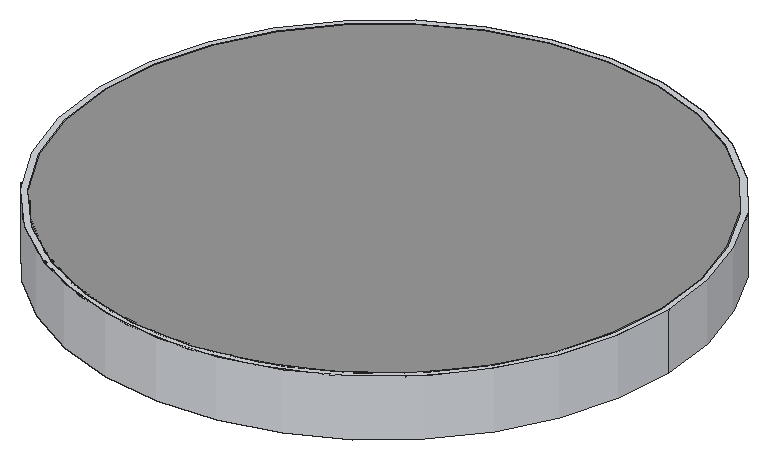
Revit family "2071230", category Lighting Fixtures, host Face, Revit 2018
Family settings
  Host = Face
  Round Connector Dimension = Use Diameter
  Part Type = Normal
  OmniClass Number = 23.80.70.00
  OmniClass Title = Lighting
  Cut with Voids When Loaded = No
  Light Source = Yes
  Shared = No
  Room Calculation Point = No
Parameters (values of type "2071230 COLOSSAL 600 940 PR DIR+H WHT DALI EM")
  iner diameter = 588 mm
  Weight = "n/a"
  Wattage Comments = ""
  Wattage = 30 W
  WarrantyStartDate [instance] = "n/a"
  WarrantyGuarantorParts = "n/a"
  WarrantyDurationUnit = "n/a"
  WarrantyDurationParts = ""
  WarrantyDescription = "http://www.sylvania-lighting.com"
  built-in parameter 1150110 = 1 (stored number, unit not read)
  Voltage = 230 V
  URL = "0.99"
  TypeName = "COLOSSAL 600mm 940 PRISM DIR+HAL WHITE DALI EM"
  Type Image = <None>
  Type Comments = "n/a"
  built-in parameter 1114217 = 1 (stored number, unit not read)
  Tilt Angle = -90.00°
  built-in parameter 1150109 = 1 (stored number, unit not read)
  built-in parameter 1150134 = (empty or 0)
  built-in parameter 1150113 = 1 (stored number, unit not read)
  SerialNumber [instance] = "n/a"
  Photometric Web File = "2071230.ies"
  Material_3_SYL = LED-Sylvania
  PowerFactor = 0
  PowerConsumption = "Lighting"
  NominalLength = 600 mm
  NominalHeight = 93 mm
  NominalDepth = 600 mm
  Name = "COLOSSAL 600mm 940 PRISM DIR+HAL WHITE DALI EM"
  ModelReference = Name  # "COLOSSAL 600mm 940 PRISM DIR+HAL WHITE DALI EM"
  ModelNumber = "2071230"
  Model = Name  # "COLOSSAL 600mm 940 PRISM DIR+HAL WHITE DALI EM"
  Material = "Feilo Sylvania"
  ManufacturerName = "109 lm/W"
  Manufacturer = ""
  LuminousEfficacy = ""
  built-in parameter 1150105 = 270.44 (stored number, unit not read)
  Lumens = 3398.4 lm
  LuminaireType = "0"
  built-in parameter 1150115 = 1 (stored number, unit not read)
  LightOutputRatio = "LED"
  built-in parameter 1150137 = (empty or 0)
  built-in parameter 1150139 = (empty or 0)
  LampsType = Lamp  # "n/a"
  LampNominalLuminous = "4000 K"
  LampMacAdamStep = "90"
  LampColourTemperature = "LED"
  LampColourRenderingIndex = "16500"
  built-in parameter 1150112 = 1 (stored number, unit not read)
  built-in parameter 1150114 = 1 (stored number, unit not read)
  Lamp = "n/a"
  Keynote = "n/a"
  InstallationDate [instance] = "n/a"
  InputVoltage = "0"
  InputNominalFrequency = "4000"
  built-in parameter 1150132 = (empty or 0)
  built-in parameter 1150102 = (empty or 0)
  built-in parameter 1150107 = 3000 (stored number, unit not read)
  built-in parameter 1150138 = (empty or 0)
  IngressProtection = "IfcLightFixtureType"
  ImpactProtectionIndex = "IfcLightFixtureType"
  built-in parameter 1150106 = 2.7044 (stored number, unit not read)
  IfcExportType = "IfcLightFixtureType"
  IfcExportAs = "Class I"
  Emit from Circle Diameter = 385 mm
  Emit Shape Visible in Rendering = no
  ElectricShockClassification = "109"
  built-in parameter 1150104 = 10.524 (stored number, unit not read)
  DocumentationLiterature = "http://www.sylvania-lighting.com/product/en-int/products/2071230"
  DimmingControlOptions = "n/a"
  Material_2_SYL = Polycarbonate_Sylvania_White
  Dimming Lamp Color Temperature Shift = <None>
  Description = "600mm diameter circular architectural luminaire, can be surface mounted or suspended. Powder coated aluminium housing (RAL9016) with PMMA prismatic diffuser. Direct/indirect (halo) light distribution, 3485lm luminuous flux, 32.1W system power, 109lm/W luminiaire efficacy. DALI dimmable. 3 hours integrated emergency. Colour rendering index Ra >90, 4000K Neutral White LED, chromaticity tolerance of 3-step MacAdam ellipse. IP40, IK03. 350mA drive current. UGR≤19. Electrical protection Class1, 220-240V. Reported lifetime 66k hours L90B10."
  Default Elevation = 1219.2 mm
  CreatedOn = "23/03/2022"
  CreatedBy = "@sylvania-lighting.com"
  Cost = 0
  Color Filter = 16777215
  built-in parameter 1114216 [instance] = (empty or 0)
  ClassificationValue = "EF_70_80"
  ClassificationName = "Uniclass2015"
  Material_1_SYL = Polycarbonate_Sylvania_Opal
  BarCode [instance] = "n/a"
  built-in parameter 1114218 = 1 (stored number, unit not read)
  built-in parameter 1150133 = 10 (stored number, unit not read)
  AssetType = "Fixed"
  AssetIdentifier [instance] = "n/a"
  Assembly Code = "D5020200"
  Apparent Load = 32.1 VA
  Material_4_SYL = none
Reference planes
  plane 1 "Center (Front/Back)": y = 0
  plane 2: z = 0
  plane 3 "Center (Left/Right)": x = 0
  plane 4: x = -300
  plane 5: x = 300
  plane 6: y = 300
  plane 7: y = -300
  plane 8: y = 212
  plane 9: y = -212
  plane 10: z = 93
  plane 11: y = 294
  plane 12: y = -294
  plane 13: through (0, 0, 1219.2) normal (0.5, -0.866, 0)
  plane 14: through (-134.29, 20.617, 1219.2) normal (0.5, -0.866, 0)
  plane 15: through (-144.685, -181.683, 1219.2) normal (-0.5, 0.866, 0)
  plane 16: through (0, 0, 1219.2) normal (0.5, 0.866, 0)
  plane 17: through (178.555, -4.939, 1219.2) normal (0.5, 0.866, 0)
  plane 18: through (87.581, -148.715, 1219.2) normal (0.5, 0.866, 0)
  plane 19: y = 272
  plane 20: through (105.168, 227.067, 1219.2) normal (0.866, 0.5, 0)
  plane 21: through (-104.171, 225.672, 1219.2) normal (0.8572, -0.515, 0)
  plane 22: y = -204.612
  plane 23: through (-296.643, -30.2, 1219.2) normal (0.866, 0.5, 0)
  plane 24: through (153.092, -278.837, 1219.2) normal (-0.866, 0.5, 0)
Forms (mm)
  Extrusion 1, solid, detail levels medium+fine
    sketch origin (0, 0, 0) x (1, 0, 0) y (0, 1, 0)
      loop
        circle (0, 0) r 300
    from 33.023 to 93
  Extrusion 2, void
    sketch origin (0, 0, 0) x (1, 0, 0) y (0, 1, 0)
      loop
        circle (0, 0) r 294
    from 93 to 37.292
  Extrusion 3, solid, material "Glass, White, High Luminance", detail levels fine
    sketch origin (0, 0, 0) x (1, 0, 0) y (0, 1, 0)
      loop
        circle (0, 0) r 294
    from 88.026 to 93
  Extrusion 4, solid, detail levels coarse
    sketch origin (0, 0, 0) x (1, 0, 0) y (0, 1, 0)
      loop
        line (-300, 300) -> (-300, -300) -> (300, -300) -> (300, 300) -> (-300, 300)
    from 0 to 93
  Blend 5, solid, detail levels medium+fine
    base sketch origin (0, 0, 0) x (1, 0, 0) y (0, 1, 0)
      loop
        line (-76.334, 272) -> (-277.665, -63.07) -> (-195.946, -204.612) -> (195.946, -204.612) -> (275.172, -67.388) -> (79.226, 272) -> (-76.334, 272)
    top sketch origin (0, 0, 0) x (1, 0, 0) y (0, 1, 0)
      loop
        line (-226.097, -32.388) -> (-141.097, -179.612) -> (141.097, -179.612) -> (226.097, -32.388) -> (85, 212) -> (-85, 212) -> (-226.097, -32.388)
    from 33.023 to 0
Cuts and joins
  Extrusion 2 cuts Extrusion 1
Lines and regions (mm)
  model lines
    curve 1: line (-85, 212, 0) -> (0, 212, 0)
    curve 2: line (0, 212, 0) -> (85, 212, 0)
Dimensions and locks
  "NominalDepth": plane 6 to plane 7
  "NominalLength": plane 4 to plane 5
  equal spacing: plane 4, plane 3 "Center (Left/Right)", plane 5
  "iner diameter": plane 11 to plane 12
  equal spacing: plane 11, plane 1 "Center (Front/Back)", plane 12
  equal spacing: plane 6, plane 1 "Center (Front/Back)", plane 7
  "NominalHeight": plane 10 to level
  radius of Extrusion 2 sketch curve = 294 mm
  aligned and locked: plane 2 to host face
  aligned and locked: level to host face
Automatic sketch dimensions
  host sketch curve to host sketch curve = 2438.4 mm  (x2)
  plane 1 "Center (Front/Back)" to Extrusion 1 sketch curve = 0 mm
  Extrusion 1 sketch curve to plane 3 "Center (Left/Right)" = 0 mm
  plane 1 "Center (Front/Back)" to Extrusion 2 sketch curve = 0 mm
  Extrusion 2 sketch curve to plane 3 "Center (Left/Right)" = 0 mm
  plane 1 "Center (Front/Back)" to Extrusion 3 sketch curve = 0 mm
  Extrusion 3 sketch curve to plane 3 "Center (Left/Right)" = 0 mm
  Extrusion 4 sketch curve to plane 4 = 0 mm
  Extrusion 4 sketch curve to plane 5 = 0 mm
  Extrusion 4 sketch curve to plane 7 = 0 mm
  Extrusion 4 sketch curve to plane 6 = 0 mm
  Blend 5 sketch curve to plane 8 = 0 mm
  Blend 5 sketch curve to plane 3 "Center (Left/Right)" = 85 mm
  plane 3 "Center (Left/Right)" to Blend 5 sketch curve = 85 mm
  plane 9 to Blend 5 sketch curve = 32.388 mm
  plane 3 "Center (Left/Right)" to Blend 5 sketch curve = 141.097 mm
  plane 1 "Center (Front/Back)" to Blend 5 sketch curve = 32.388 mm  (x2)
  Blend 5 sketch curve to plane 5 = 73.903 mm
  Blend 5 sketch curve to plane 3 "Center (Left/Right)" = 141.097 mm
  plane 4 to Blend 5 sketch curve = 73.903 mm
  curve 1 to plane 8 = 0 mm
  curve 2 to plane 3 "Center (Left/Right)" = 0 mm
  curve 1 to plane 3 "Center (Left/Right)" = 85 mm
  curve 1 to curve 2 = 85 mm
  Blend 5 sketch curve to plane 21 = 0 mm
  Blend 5 sketch curve to plane 23 = 0 mm  (x2)
  Blend 5 sketch curve to plane 22 = 0 mm
  Blend 5 sketch curve to plane 19 = 0 mm
  plane 21 to Blend 5 sketch curve = 0 mm
  Blend 5 sketch curve to plane 20 = 0 mm  (x2)
  Blend 5 sketch curve to plane 24 = 0 mm  (x2)
  radius of Extrusion 1 sketch curve = 300 mm
  radius of Extrusion 3 sketch curve = 294 mm
Connectors
  electrical at (0, 0, 0), driven by "Apparent Load", driven by "PowerFactor", driven by "Voltage"
    settings: index 1, voltage 230 V, apparent load 32.1 VA, apparent load phase1 0 VA, apparent load phase2 0 VA, apparent load phase3 0 VA, power factor 0, load classification "Lighting", number of poles 1, system type 30, power factor state 1, is connector primary yes, connector utility no, sub classification motor no, connector description ""
